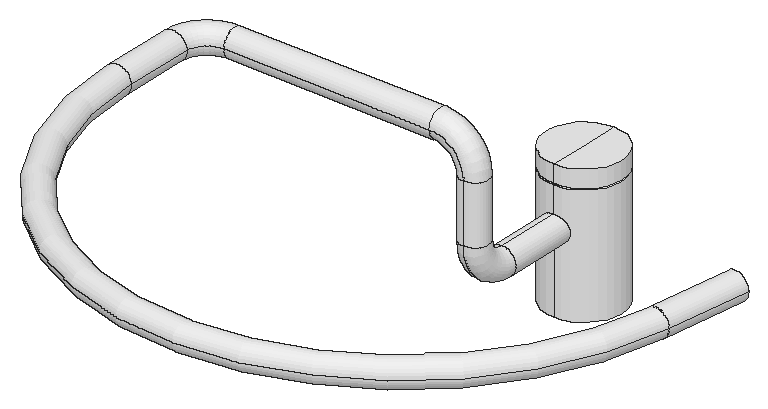
Revit family "Towel Ring-Wall-Caroma Titan", category Specialty Equipment, host Face, Revit 2013
Parameters (values of type "Standard")
  URL = "http://www.caroma.com.au/"
  Type Comments = "Caroma Titan Towel Ring"  # constant formula
  Model = "99015SS"  # constant formula
  Material_ANZRS = Metal-Chrome-Caroma
  Manufacturer = "GWA Bathrooms & Kitchens"  # constant formula
  Length_ANZRS = 178 mm  # constant formula
  Description = ""
  Default Elevation = 900 mm
  CreatedBy_ANZRS = "Design Content"  # constant formula
  CreatedByURL_ANZRS = "www.designcontent.com.au"
  Cost = 0
  Assembly Code = "C1030200"
Reference planes
  plane 1 "Center (Elevation)": y = 0
  plane 2 "Back": z = 0
  plane 3 "Center (Left/Right)": x = 0
  plane 4 "Top": y = 11
  plane 5 "Front": z = 64
  plane 6 "Plane 1": y = -40
  plane 7 "Plane 2": z = 60
  plane 8 "Right": x = 94
  plane 9 "Left": x = -84
  plane 10 "Bottom": y = -158
Forms (mm)
  Revolve 1, solid, material "Metal-Chrome-Caroma" <- "Material_ANZRS"
    sketch origin (0, 0, 0) x (0, 1, 0) y (0, 0, 1)
      loop
        line (0, 0) -> (11, 0) -> (11, 34.5) -> (8.649, 34.5) -> (8.649, 36.5) -> (0, 36.5) -> (0, 0)
      axis (0, 36.5) -> (0, 0)
    angle from 0 to 360
  Revolve 2, solid, material "Metal-Chrome-Caroma" <- "Material_ANZRS"
    sketch origin (0, 0, 0) x (0, 1, 0) y (0, 0, 1)
      loop
        line (11, 40) -> (0, 40) -> (0, 35) -> (11, 35) -> (11, 40)
      axis (0, 40) -> (0, 35)
    angle from 0 to 360
  Sweep 3, solid, material "Metal-Chrome-Caroma" <- "Material_ANZRS"
    path in 3D
      loop
        line (0, 0, 23) -> (0, -30, 23)
        arc (0, -30, 23) -> (0, -37.071, 25.929) -> (0, -40, 33) r 10
        line (0, -40, 33) -> (0, -40, 50)
        arc (0, -40, 50) -> (-2.929, -40, 57.071) -> (-10, -40, 60) r 10
        line (-10, -40, 60) -> (-69.993, -40, 60)
        arc (-69.993, -40, 60) -> (-77.069, -42.931, 60) -> (-80, -50.007, 60) r 10.007
        line (-80, -50.007, 60) -> (-80, -70.317, 60)
        arc (-80, -70.317, 60) -> (-2.054, -153.803, 60) -> (86.58, -81.765, 60) r 83.683
        line (86.58, -81.765, 60) -> (90, -57, 60)
    profile origin (0, -15, 23) x (0, 0, -1) y (1, 0, 0)
      loop
        circle (0, 0) r 4
Cuts and joins
  joined: Revolve 1, Revolve 2, Sweep 3
Lines and regions (mm)
  model lines
    curve 1: line (0, 0, 23) -> (0, -30, 23)
    curve 2: line (0, -40, 33) -> (0, -40, 50)
    curve 3: arc (0, -30, 23) -> (0, -37.071, 25.929) -> (0, -40, 33) r 10
    curve 4: line (-10, -40, 60) -> (-69.993, -40, 60)
    curve 5: arc (0, -40, 50) -> (-2.929, -40, 57.071) -> (-10, -40, 60) r 10
    curve 6: arc (-69.993, -40, 60) -> (-77.069, -42.931, 60) -> (-80, -50.007, 60) r 10.007
    curve 7: line (-80, -50.007, 60) -> (-80, -70.317, 60)
    curve 8: arc (-80, -70.317, 60) -> (-2.054, -153.803, 60) -> (86.58, -81.765, 60) r 83.683
    curve 9: line (86.58, -81.765, 60) -> (90, -57, 60)
  sketch lines
    curve 10: line (0, 0, 23) -> (0, -30, 23)
    curve 11: arc (0, -30, 23) -> (0, -37.071, 25.929) -> (0, -40, 33) r 10
    curve 12: line (0, -40, 33) -> (0, -40, 50)
    curve 13: arc (0, -40, 50) -> (-2.929, -40, 57.071) -> (-10, -40, 60) r 10
    curve 14: line (-10, -40, 60) -> (-69.993, -40, 60)
    curve 15: arc (-69.993, -40, 60) -> (-77.069, -42.931, 60) -> (-80, -50.007, 60) r 10.007
    curve 16: line (-80, -50.007, 60) -> (-80, -70.317, 60)
    curve 17: arc (-80, -70.317, 60) -> (-2.054, -153.803, 60) -> (86.58, -81.765, 60) r 83.683
    curve 18: line (86.58, -81.765, 60) -> (90, -57, 60)
Dimensions and locks
  plane 5 "Front" to level = 64 mm
  aligned and locked: plane 2 "Back" to host face
  aligned and locked: level to host face
